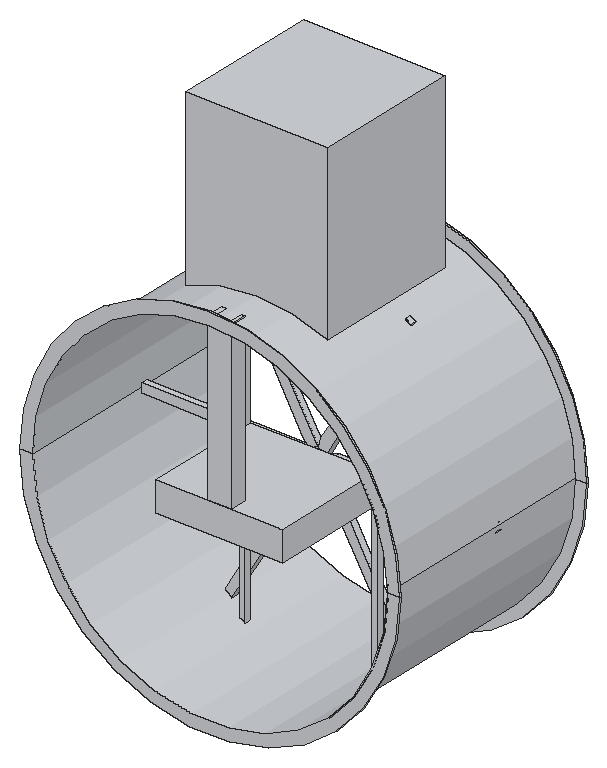
Revit family "EDB", category Mechanical Equipment, Revit 2019
Family settings
  Round Connector Dimension = Use Radius
  Part Type = Normal
  Work Plane-Based = No
  Always vertical = Yes
  Cut with Voids When Loaded = No
  Shared = No
  Room Calculation Point = No
Parameters (values of type "60_EDB")
  Unit Weight [instance] = ""
  Sones [instance] = ""
  Motor RPM [instance] = ""
  Motor Enclosure [instance] = ""
  ModelID [instance] = ""
  LwA [instance] = ""
  J/2 = J / 2  # 0' - 8 1/2"
  J = 1' - 5"
  H = 1' - 7 9/16"
  G = 0' - 10"
  Fan RPM [instance] = ""
  F/2 = F / 2  # 1' - 0 1/16"
  F = 2' - 0 1/8"
  E = 2' - 11"
  D = 2' - 3"
  B/6 = B / 6  # 0' - 10.79167"
  B/3 = B / 3  # 1' - 9.58333"
  C/2 = C / 2  # 0' - 1 1/16"
  C = 0' - 2 1/8"
  B/2 = B / 2  # 2' - 8 3/8"
  B = 5' - 4 3/4"
  Accessories [instance] = ""
  A/2 = A / 2  # 1' - 8"
  A = 3' - 4"
  60 = 30.00°  # constant formula
  3" = 0' - 3"  # constant formula
  Brake Hp [instance] = ""
  4" = 0' - 4"  # constant formula
  2' = 2' - 0"
  2" = 0' - 2"  # constant formula
  160 = 160.00°  # constant formula
  103 = 103.00°  # constant formula
  1" = 0' - 1"  # constant formula
  0 = 0' - 0"  # constant formula
  Voltage [instance] = 0 V
  URL = "www.lorencook.com"
  Type Comments = "Tube Axial Drum Fan Extruded Aluminum Propeller Belt Drive"  # constant formula
  Static Pressure [instance] = 0.00 in-wg
  Power [instance] = Voltage * Motor FLA * sqrt(if(Phase = 3, 3, 1))  # 0 VA
  Phase [instance] = 0
  Number of Poles [instance] = 1
  Motor Hp [instance] = "0"
  Motor FLA [instance] = 0 A
  Model = "EDB"  # constant formula
  Manufacturer = "Loren Cook Company"
  CFM [instance] = 0 CFM
  1.5 = 0' - 1 1/2"  # constant formula
  ONE EIGTH = 0' - 0 1/8"  # constant formula
  -G = -G  # -0' - 10"
  -E = -E  # -2' - 11"
  -A/2 = -A / 2 - 0' 2"  # -1' - 10"
  (B/2)-C+.125" = (B / 2) - C + 0' 0 1/8"  # 2' - 6 3/8"
  (B-C)-1" = (B / 2 - C / 2) - 0' 1"  # 2' - 6 5/16"
Types (8): name | J/2 | J | H | G | F/2 | F | E | D | B/6 | B/3 | C/2 | C | B/2 | B | A/2 | A | -G | -E | -A/2 | (B/2)-C+.125" | (B-C)-1"
  (no name) | 0' - 8 1/2" | 1' - 5" | 1' - 7 9/16" | 0' - 10" | 1' - 0 1/16" | 2' - 0 1/8" | 2' - 11" | 2' - 3" | 0' - 10.79167" | 1' - 9.58333" | 0' - 1 1/16" | 0' - 2 1/8" | 2' - 8 3/8" | 5' - 4 3/4" | 1' - 8" | 3' - 4" | -0' - 10" | -2' - 11" | -1' - 10" | 2' - 6 3/8" | 2' - 6 5/16"
  24_EDB | 0' - 4 7/8" | 0' - 9 3/4" | 1' - 4 5/16" | 0' - 5 1/4" | 0' - 8 1/16" | 1' - 4 1/8" | 1' - 8" | 1' - 5 1/8" | 0' - 4.58333" | 0' - 9.16667" | 0' - 0 3/4" | 0' - 1 1/2" | 1' - 1 3/4" | 2' - 3 1/2" | 0' - 10 1/2" | 1' - 9" | -0' - 5 1/4" | -1' - 8" | -1' - 0 1/2" | 1' - 0 3/8" | 1' - 0"
  30_EDB | 0' - 4 7/8" | 0' - 9 3/4" | 1' - 4 5/16" | 0' - 5 1/4" | 0' - 9 1/16" | 1' - 6 1/8" | 1' - 10" | 1' - 10 1/8" | 0' - 5.58333" | 0' - 11.16667" | 0' - 0 3/4" | 0' - 1 1/2" | 1' - 4 3/4" | 2' - 9 1/2" | 0' - 11 1/2" | 1' - 11" | -0' - 5 1/4" | -1' - 10" | -1' - 1 1/2" | 1' - 3 3/8" | 1' - 3"
  36_EDB | 0' - 6 3/8" | 1' - 0 3/4" | 1' - 5 13/16" | 0' - 6 3/4" | 0' - 10 9/16" | 1' - 9 1/8" | 2' - 1" | 1' - 10 1/8" | 0' - 6.58333" | 1' - 1.16667" | 0' - 0 3/4" | 0' - 1 1/2" | 1' - 7 3/4" | 3' - 3 1/2" | 1' - 1" | 2' - 2" | -0' - 6 3/4" | -2' - 1" | -1' - 3" | 1' - 6 3/8" | 1' - 6"
  42_EDB | 0' - 6 3/8" | 1' - 0 3/4" | 1' - 5 13/16" | 0' - 6 3/4" | 0' - 10 9/16" | 1' - 9 1/8" | 2' - 5" | 1' - 10 1/8" | 0' - 7 5/8" | 1' - 3 1/4" | 0' - 0 13/16" | 0' - 1 5/8" | 1' - 10 7/8" | 3' - 9 3/4" | 1' - 3" | 2' - 6" | -0' - 6 3/4" | -2' - 5" | -1' - 5" | 1' - 9 3/8" | 1' - 9 1/16"
  48_EDB | 0' - 6 3/8" | 1' - 0 3/4" | 1' - 5 13/16" | 0' - 6 3/4" | 0' - 10 9/16" | 1' - 9 1/8" | 2' - 7" | 1' - 10 1/8" | 0' - 8.79167" | 1' - 5.58333" | 0' - 1 1/16" | 0' - 2 1/8" | 2' - 2 3/8" | 4' - 4 3/4" | 1' - 4" | 2' - 8" | -0' - 6 3/4" | -2' - 7" | -1' - 6" | 2' - 0 3/8" | 2' - 0 5/16"
  54_EDB | 0' - 8 1/2" | 1' - 5" | 1' - 7 9/16" | 0' - 10" | 1' - 0 1/16" | 2' - 0 1/8" | 2' - 11" | 2' - 3" | 0' - 9.79167" | 1' - 7.58333" | 0' - 1 1/16" | 0' - 2 1/8" | 2' - 5 3/8" | 4' - 10 3/4" | 1' - 6" | 3' - 0" | -0' - 10" | -2' - 11" | -1' - 8" | 2' - 3 3/8" | 2' - 3 5/16"
  60_EDB | 0' - 8 1/2" | 1' - 5" | 1' - 7 9/16" | 0' - 10" | 1' - 0 1/16" | 2' - 0 1/8" | 2' - 11" | 2' - 3" | 0' - 10.79167" | 1' - 9.58333" | 0' - 1 1/16" | 0' - 2 1/8" | 2' - 8 3/8" | 5' - 4 3/4" | 1' - 8" | 3' - 4" | -0' - 10" | -2' - 11" | -1' - 10" | 2' - 6 3/8" | 2' - 6 5/16"
Reference planes (in)
  plane 1 "Center (Front/Back)": y = 0
  plane 2: z = 0
  plane 3 "Center (Left/Right)": x = 0.40541
Forms (in)
  Revolve 1, solid
    sketch origin (0, 0, 0) x (1, 0, 0) y (0, 1, 0)
      loop
        line (32.78041, 20) -> (30.65541, 20) -> (30.65541, -20) -> (32.78041, -20) -> (32.78041, -19.875) -> (30.78041, -19.875) -> (30.78041, 19.875) -> (32.78041, 19.875) -> (32.78041, 20)
      axis (0.40541, -20) -> (0.40541, 20)
    angle from 0 to 360
  Extrusion 2, solid
    sketch origin (0.40541, -20, 0) x (0, 0, -1) y (1, 0, 0)
      loop
        arc (-27.87717, -12.0625) -> (-30.375, 0) -> (-27.87717, 12.0625) r 30.375
        line (-27.87717, 12.0625) -> (-57.25, 12.0625) -> (-57.25, -12.0625) -> (-27.87717, -12.0625)
    from -10 <- "-G" to -35 <- "-E"
  Extrusion 3, solid
    sketch origin (0.40541, -20, 0) x (0, 0, -1) y (1, 0, 0)
      loop
        line (-2, -10.79167) -> (3, -10.79167) -> (3, 10.79167) -> (-2, 10.79167) -> (-2, -10.79167)
    from -2 to -22 <- "-A/2"
  Extrusion 4, solid
    sketch origin (0.40541, -20, 0) x (0, 0, -1) y (1, 0, 0)
      loop
        line (-2, -2) -> (-2, 2) -> (-30.25, 2) -> (-30.25, -2) -> (-2, -2)
    from -2.125 to -5
  Extrusion 5, solid
    sketch origin (0.40541, 2, 0) x (0, 0, 1) y (1, 0, 0)
      loop
        arc (-27.99281, 11.79167) -> (-28.1975, 11.29344) -> (-28.39332, 10.79167) r 30.375
        line (-28.39332, 10.79167) -> (28.39332, 10.79167)
        arc (28.39332, 10.79167) -> (28.1975, 11.29344) -> (27.99281, 11.79167) r 30.375
        line (27.99281, 11.79167) -> (-27.99281, 11.79167)
      loop
        line (-27.99281, -11.79167) -> (27.99281, -11.79167)
        arc (27.99281, -11.79167) -> (28.1975, -11.29344) -> (28.39332, -10.79167) r 30.375
        line (28.39332, -10.79167) -> (-28.39332, -10.79167)
        arc (-28.39332, -10.79167) -> (-28.1975, -11.29344) -> (-27.99281, -11.79167) r 30.375
    from 0 to -1
  Extrusion 6, solid
    sketch origin (0.40541, 2, 0) x (0, 0, 1) y (1, 0, 0)
      loop
        line (1.73205, 0) -> (0.86603, 1.5) -> (-0.86603, 1.5) -> (-1.73205, 0) -> (-0.86603, -1.5) -> (0.86603, -1.5) -> (1.73205, 0)
    from 1 to 2
  Extrusion 7, solid
    sketch origin (0.40541, 2, 0) x (0, 0, 1) y (1, 0, 0)
      loop
        line (0.86603, -1.5) -> (-0.63397, -1.5) -> (-1.1221, -2.92786) -> (-0.58361, -30.3125) -> (0.86603, -30.3125) -> (0.86603, -1.5)
    from 1 to 2
  Extrusion 8, solid
    sketch origin (0.40541, 2, 0) x (0.866025, 0, 0.5) y (0.5, 0, -0.866025)
      loop
        line (0.86603, -1.5) -> (-0.63397, -1.5) -> (-1.1221, -2.92786) -> (-0.58361, -30.3125) -> (0.86603, -30.3125) -> (0.86603, -1.5)
    from 1 to 2
  Extrusion 9, solid
    sketch origin (0.40541, 2, 0) x (0.866025, 0, -0.5) y (-0.5, 0, -0.866025)
      loop
        line (0.86603, -1.5) -> (-0.63397, -1.5) -> (-1.1221, -2.98033) -> (-0.28679, -30.3125) -> (0.86603, -30.3125) -> (0.86603, -1.5)
    from 1 to 2
  Extrusion 10, solid
    sketch origin (0.40541, 2, 0) x (0, 0, -1) y (-1, 0, 0)
      loop
        line (0.86603, -1.5) -> (-0.63397, -1.5) -> (-1.1221, -2.92786) -> (-0.58361, -30.3125) -> (0.86603, -30.3125) -> (0.86603, -1.5)
    from 1 to 2
  Extrusion 11, solid
    sketch origin (0.40541, 2, 0) x (-0.866025, 0, -0.5) y (-0.5, 0, 0.866025)
      loop
        line (0.86603, -1.5) -> (-0.63397, -1.5) -> (-1.1221, -2.92786) -> (-0.58361, -30.3125) -> (0.86603, -30.3125) -> (0.86603, -1.5)
    from 1 to 2
  Extrusion 12, solid
    sketch origin (0.40541, 2, 0) x (-0.866025, 0, 0.5) y (0.5, 0, 0.866025)
      loop
        line (0.86603, -1.5) -> (-0.63397, -1.5) -> (-1.1221, -2.92786) -> (-0.58361, -30.3125) -> (0.86603, -30.3125) -> (0.86603, -1.5)
    from 1 to 2
Lines and regions (in)
  symbolic lines
    curve 1: line (0.40541, 2, 0) -> (7.76663, 2, 4.25)
    curve 2: line (0.40541, 2, 0) -> (-6.7393, 2, 4.125)
    curve 3: line (-6.54054, 2, -4.01025) -> (0.40541, 2, 0)
    curve 4: line (0.40541, 2, 0) -> (6.6841, 2, -3.625)
Dimensions and locks (in)
  "A/2": Revolve 1 sketch curve to plane 1 "Center (Front/Back)"  (x2)
  "B/2": plane 3 "Center (Left/Right)" to Revolve 1 sketch curve
  "C": Revolve 1 sketch curve to Revolve 1 sketch curve  (x2)
  "ONE EIGTH": Revolve 1 sketch curve to Revolve 1 sketch curve  (x3)
  "0": Revolve 1 sketch curve to plane 3 "Center (Left/Right)"
  "F/2": plane 3 "Center (Left/Right)" to Extrusion 2 sketch curve
  "F/2": Extrusion 2 sketch curve to plane 3 "Center (Left/Right)"
  "2"": Extrusion 3 sketch curve to level
  "3"": level to Extrusion 3 sketch curve
  "B/6": plane 3 "Center (Left/Right)" to Extrusion 3 sketch curve
  "B/6": Extrusion 3 sketch curve to plane 3 "Center (Left/Right)"
  "0": Extrusion 4 sketch curve to Revolve 1
  "0": Extrusion 4 sketch curve to Extrusion 3
  "2"": Extrusion 4 sketch curve to plane 3 "Center (Left/Right)"
  "2"": plane 3 "Center (Left/Right)" to Extrusion 4 sketch curve
  "1"": Extrusion 5 sketch curve to Extrusion 5 sketch curve  (x2)
  "0": Extrusion 5 sketch curve to Extrusion 3
  "0": Extrusion 3 to Extrusion 5 sketch curve
  "0": level to Extrusion 5 sketch curve
  "0": Extrusion 5 sketch curve to plane 3 "Center (Left/Right)"  (x3)
  "0": Extrusion 5 sketch curve to level  (x2)
  "(B-C)-1"": plane 3 "Center (Left/Right)" to Extrusion 7 sketch curve
  "0": Extrusion 7 sketch curve to Extrusion 6  (x2)
  "(B-C)-1"": Extrusion 10 sketch curve to plane 3 "Center (Left/Right)"
  "0": Extrusion 6 to Extrusion 10 sketch curve  (x2)
  "0": level to curve 4
  "0": plane 3 "Center (Left/Right)" to curve 4
  "(B-C)-1"": curve 2 to Extrusion 9 sketch curve
  "(B-C)-1"": Extrusion 8 sketch curve to curve 3
  "(B-C)-1"": Extrusion 11 sketch curve to curve 3
  "(B-C)-1"": Extrusion 12 sketch curve to curve 4
  "0": Extrusion 12 sketch curve to Extrusion 6  (x2)
  "1.5": Extrusion 12 sketch curve to Extrusion 12 sketch curve
  "1.5": Extrusion 7 sketch curve to Extrusion 7 sketch curve
  "1.5": Extrusion 10 sketch curve to Extrusion 10 sketch curve
  "0": Extrusion 11 sketch curve to Extrusion 6
  "1.5": Extrusion 11 sketch curve to Extrusion 11 sketch curve
  "0": Extrusion 9 sketch curve to Extrusion 6  (x2)
  "1.5": Extrusion 9 sketch curve to Extrusion 9 sketch curve
  "0": Extrusion 8 sketch curve to Extrusion 6  (x2)
  "1.5": Extrusion 8 sketch curve to Extrusion 8 sketch curve
  "0": Extrusion 2 sketch curve to level
  "0": Extrusion 2 sketch curve to plane 3 "Center (Left/Right)"
  "D": Extrusion 2 sketch curve to Revolve 1
  "(B/2)-C+.125"": radius of Extrusion 2 sketch curve
  "(B/2)-C+.125"": radius of Extrusion 5 sketch curve  (x4)
  "160": angle Extrusion 7 sketch curve to Extrusion 7 sketch curve
  "160": angle Extrusion 8 sketch curve to Extrusion 8 sketch curve
  "160": angle Extrusion 9 sketch curve to Extrusion 9 sketch curve
  "160": angle Extrusion 10 sketch curve to Extrusion 10 sketch curve
  "160": angle Extrusion 11 sketch curve to Extrusion 11 sketch curve
  "160": angle Extrusion 12 sketch curve to Extrusion 12 sketch curve
  "60": angle curve 1 to level
  "60": angle level to curve 2
  "60": angle curve 3 to level
  "60": angle level to curve 4
Automatic sketch dimensions
  Revolve 1 sketch curve to plane 1 "Center (Front/Back)" = 0' - 0"
  Revolve 1 sketch curve to Revolve 1 sketch curve = 0' - 4 1/2"
  Extrusion 5 sketch curve to Extrusion 5 sketch curve = 0' - 0"  (x2)
  Extrusion 7 sketch curve to Extrusion 7 sketch curve = 0' - 0.48813"
  Extrusion 7 sketch curve to Extrusion 7 sketch curve = 0' - 0.5385"
  Extrusion 8 sketch curve to Extrusion 8 sketch curve = 0' - 0.48813"
  Extrusion 8 sketch curve to Extrusion 8 sketch curve = 0' - 0.5385"
  Extrusion 9 sketch curve to Extrusion 9 sketch curve = 0' - 0.48813"
  Extrusion 10 sketch curve to Extrusion 10 sketch curve = 0' - 0.48813"
  Extrusion 10 sketch curve to Extrusion 10 sketch curve = 0' - 0.5385"
  Extrusion 11 sketch curve to Extrusion 11 sketch curve = 0' - 0.48813"
  Extrusion 11 sketch curve to Extrusion 11 sketch curve = 0' - 0.5385"
  Extrusion 12 sketch curve to Extrusion 12 sketch curve = 0' - 0.48813"
  Extrusion 12 sketch curve to Extrusion 12 sketch curve = 0' - 0.5385"
  plane 3 "Center (Left/Right)" to Extrusion 9 sketch curve = 0' - 0.5184"
  Extrusion 11 sketch curve to plane 3 "Center (Left/Right)" = 0' - 0"
Connectors (in)
  hvac at (0.40541, -20, 0), driven by "(B/2)-C+.125""
    settings: on Revolve 1, index 1, duct flow 0 CFM, flow factor 0, pres drop 0.00 in-wg, loss coef 0, conn angle 0.00°, conn width 12", conn height 12", conn diameter 60 3/4", duct sys type 29, conn prof type 0, flow config 0, flow direction 1, loss method 0, conn ref index -1, conn util no, is conn primary yes, conn desc ""
  hvac at (0.40541, 20, 0), driven by "(B/2)-C+.125""
    settings: on Revolve 1, index 2, duct flow 0 CFM, flow factor 0, pres drop 0.00 in-wg, loss coef 0, conn angle 0.00°, conn width 12", conn height 12", conn diameter 60 3/4", duct sys type 29, conn prof type 0, flow config 0, flow direction 2, loss method 0, conn ref index -1, conn util no, is conn primary no, conn desc ""
  electrical at (0.40541, 15, 42.56359)
    settings: on Extrusion 2, index 3, voltage 0 V, apparent load 0 VA, apparent load phase1 0 VA, apparent load phase2 0 VA, apparent load phase3 0 VA, power factor 1, load classification "Other", number of poles 1, system type 30, power factor state 1, is connector primary yes, connector utility no, sub classification motor no, connector description ""
